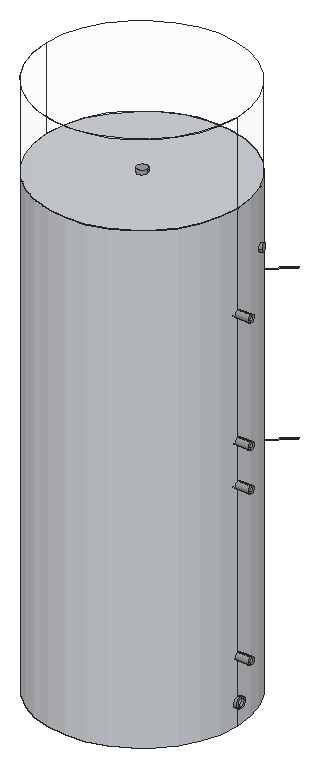
Revit family
Parameters (values of type "SDT119")
  Vertical Clearance = 12"  # constant formula
  SES BIM Studio # = "201264901-11"
  Clearance Height = A_TANK HEIGHT + 12"  # 80"
  Tank Radius = 14"
  Total Amps-Heater and Pumps = "0"
  Voltage/Heater = "0"
  Voltage/Control = "0"
  URL = "http://www.lochinvar.com/products/default.aspx?lineid=50&type=productline"
  Total Amps = "0"
  Sensor Well Radial Location = -1 * Tank Radius - 4"  # -18"
  Sensor Well Dist from Floor = E_Boiler Inlet Dist From Floor  # 54 1/4"
  Pressure Relief Valve Radial Location = -1 * Tank Radius - 1/2"  # -14 1/2"
  RECOVERY (GPH) = "0"
  D_Pressure Relief  Valve Dist From Floor = 60 1/4"
  Pipe Dist From Center = Tank Radius - 2"  # 12"
  H_To Panel - Dist From Floor = 9 1/4"  # constant formula
  Model = "SDT119"
  Manufacturer = "Lochinvar"
  MODEL NO. = "SDT119"
  Hot Water Outlet Height = A_TANK HEIGHT + 1/2"  # 68 1/2"
  Hot/Cold Water Connection = 1 1/2"  # constant formula
  GALLON CAPACITY = "109.8"
  B_TANK DIAMETER = Tank Radius * 2  # 28"
  INPUT RATE (BTUH) = "0"
  A_TANK HEIGHT = 68"
  G_From Panel - Dist From Floor = 31 3/4"
  FUEL TYPE = ""
  Description = "Squire Stainless Steel Solar Water Heater"
  Fuel Type = ""
  I_Cold Water Inlet Dist From Floor = 3 1/4"  # constant formula
  F_Boiler Outlet Dist From Floor = 37 1/2"
  Boiler In/Out Connection = 1"  # constant formula
  E_Boiler Inlet Dist From Floor = 54 1/4"
  # of Electrical Connections = "0"
Types (4): name | Clearance Height | Tank Radius | Sensor Well Radial Location | Sensor Well Dist from Floor | Pressure Relief Valve Radial Location | D_Pressure Relief  Valve Dist From Floor | Pipe Dist From Center | Model | MODEL NO. | Hot Water Outlet Height | GALLON CAPACITY | B_TANK DIAMETER | A_TANK HEIGHT | G_From Panel - Dist From Floor | F_Boiler Outlet Dist From Floor | E_Boiler Inlet Dist From Floor
  (no name) | 80" | 14" | -18" | 54 1/4" | -14 1/2" | 60 1/4" | 12" | "SDT119" | "SDT119" | 68 1/2" | "109.8" | 28" | 68" | 31 3/4" | 37 1/2" | 54 1/4"
  SDT065 | 72" | 12" | -16" | 47 1/4" | -12 1/2" | 52 1/4" | 10" | "SDT119" | "SDT065" | 60 1/2" | "65.5" | 24" | 60" | 28" | 33 3/4" | 47 1/4"
  SDT080 | 81 1/4" | 12" | -16" | 53 3/4" | -12 1/2" | 61 3/4" | 10" | "SDT080" | "SDT080" | 69 3/4" | "78.4" | 24" | 69 1/4" | 28" | 40 1/4" | 53 3/4"
  SDT119 | 80" | 14" | -18" | 54 1/4" | -14 1/2" | 60 1/4" | 12" | "SDT119" | "SDT119" | 68 1/2" | "109.8" | 28" | 68" | 31 3/4" | 37 1/2" | 54 1/4"
Reference planes (in)
  plane 1: z = 0
  plane 2: y = -1.83246
  plane 3: x = 77.16933
Forms (in)
  Extrusion 1, solid
    sketch origin (20.70262, 4.52692, 0) x (-1, 0, 0) y (0, -1, 0)
      loop
        circle (-56.46671, 6.35938) r 14
    from 0 to 68
  Revolve 2, solid, material "Default"
    sketch origin (0, -1.83246, 0) x (1, 0, 0) y (0, 0, 1)
      loop
        line (93.16933, 54.625) -> (93.16933, 54.75) -> (89.16933, 54.75) -> (89.16933, 54.625) -> (93.16933, 54.625)
      axis (89.16933, 54.25) -> (93.16933, 54.25)
    angle from 0 to 360
  Revolve 3, solid, material "Default"
    sketch origin (0, -1.83246, -3.25) x (1, 0, 0) y (0, 0, 1)
      loop
        line (93.16933, 41.125) -> (93.16933, 41.25) -> (89.16933, 41.25) -> (89.16933, 41.125) -> (93.16933, 41.125)
      axis (89.16933, 40.75) -> (93.16933, 40.75)
    angle from 0 to 360
  Revolve 4, solid, material "Default"
    sketch origin (0, -1.83246, -7.25) x (1, 0, 0) y (0, 0, 1)
      loop
        line (91.66933, 11.125) -> (91.66933, 11.25) -> (89.66933, 11.25) -> (89.17169, 11.375) -> (87.16933, 11.375) -> (87.16933, 11.125) -> (91.66933, 11.125)
      axis (87.16933, 10.5) -> (91.66933, 10.5)
    angle from 0 to 360
  Extrusion 5, solid, material "Default"
    sketch origin (0, 0, 0) x (1, 0, 0) y (0, 1, 0)
      loop
        circle (77.16933, -1.83246) r 0.75
    from 68 <- "A_TANK HEIGHT" to 68.5 <- "Hot Water Outlet Height"
  Extrusion 6, solid, material "Default"
    sketch origin (65.22027, 27.01512, -6.54141) x (0.382683, -0.92388, 0) y (0, 0, 1)
      loop
        circle (31.2244, 66.79141) r 0.5
    from -8 to -14.5 <- "Pressure Relief Valve Radial Location"
  Extrusion 7, solid, material "Default"
    sketch origin (55.09035, 20.24652, -18.25) x (0.707107, -0.707107, 0) y (0, 0, 1)
      loop
        circle (31.2244, 72.5) r 0.06075
    from -9 to -18 <- "Sensor Well Radial Location"
  Extrusion 8, solid, material "Clearance"
    sketch origin (0, 0, 0) x (1, 0, 0) y (0, 1, 0)
      loop
        circle (77.16933, -1.83246) r 14
    from 68 <- "A_TANK HEIGHT" to 80 <- "Clearance Height"
  Revolve 9, solid, material "Default"
    sketch origin (0, -1.83246, -10.25) x (1, 0, 0) y (0, 0, 1)
      loop
        line (93.16933, 19.875) -> (93.16933, 20) -> (89.16933, 20) -> (89.16933, 19.875) -> (93.16933, 19.875)
      axis (89.16933, 19.5) -> (93.16933, 19.5)
    angle from 0 to 360
  Revolve 10, solid, material "Default"
    sketch origin (0, -1.83246, -4.5) x (1, 0, 0) y (0, 0, 1)
      loop
        line (93.16933, 36.625) -> (93.16933, 36.75) -> (89.16933, 36.75) -> (89.16933, 36.625) -> (93.16933, 36.625)
      axis (89.16933, 36.25) -> (93.16933, 36.25)
    angle from 0 to 360
  Extrusion 11, solid, material "Default"
    sketch origin (55.09035, 20.24652, -26.25) x (0.707107, -0.707107, 0) y (0, 0, 1)
      loop
        circle (31.2244, 58) r 0.06075
    from -9 to -18 <- "Sensor Well Radial Location"
Dimensions and locks (in)
  "A_TANK HEIGHT": level to Extrusion 1
  Revolve 2 sketch curve to Revolve 2 sketch curve = 1/2"
  "E_Boiler Inlet Dist From Floor": Revolve 2 sketch curve to level
  Revolve 3 sketch curve to Revolve 3 sketch curve = 1/2"
  "Pipe Dist From Center": plane 3 to Revolve 2 sketch curve
  "Pipe Dist From Center": plane 3 to Revolve 3 sketch curve
  "F_Boiler Outlet Dist From Floor": Revolve 3 sketch curve to level
  "I_Cold Water Inlet Dist From Floor": Revolve 4 sketch curve to level
  "D_Pressure Relief  Valve Dist From Floor": Extrusion 6 sketch curve to level
  "Sensor Well Dist from Floor": Extrusion 7 sketch curve to level
  Revolve 9 sketch curve to Revolve 9 sketch curve = 1/2"
  "Pipe Dist From Center": plane 3 to Revolve 9 sketch curve
  "H_To Panel - Dist From Floor": Revolve 9 sketch curve to level
  Revolve 10 sketch curve to Revolve 10 sketch curve = 1/2"
  "Pipe Dist From Center": plane 3 to Revolve 10 sketch curve
  "G_From Panel - Dist From Floor": Revolve 10 sketch curve to level
  Revolve 4 sketch curve to Revolve 4 sketch curve = 3/4"
  "G_From Panel - Dist From Floor": Extrusion 11 sketch curve to level
  "Tank Radius": radius of Extrusion 1 sketch curve
  radius of Extrusion 5 sketch curve = 3/4"
  "Tank Radius": radius of Extrusion 8 sketch curve
  aligned and locked: plane 2 to Extrusion 1 sketch curve
  aligned and locked: plane 3 to Extrusion 1 sketch curve
Automatic sketch dimensions
  Revolve 2 sketch curve to Revolve 2 sketch curve = 0"
  Revolve 2 sketch curve to Revolve 2 sketch curve = 4"
  Revolve 2 sketch curve to Revolve 2 sketch curve = 0.10603"
  Revolve 2 sketch curve to Revolve 2 sketch curve = 1/8"
  Revolve 3 sketch curve to Revolve 3 sketch curve = 0"
  Revolve 3 sketch curve to Revolve 3 sketch curve = 4"
  Revolve 3 sketch curve to Revolve 3 sketch curve = 0.10603"
  Revolve 3 sketch curve to Revolve 3 sketch curve = 1/8"
  Extrusion 8 sketch curve to plane 2 = 0"
  Extrusion 8 sketch curve to plane 3 = 0"
  Revolve 9 sketch curve to Revolve 9 sketch curve = 0"
  Revolve 9 sketch curve to Revolve 9 sketch curve = 4"
  Revolve 9 sketch curve to Revolve 9 sketch curve = 0.10603"
  Revolve 9 sketch curve to Revolve 9 sketch curve = 1/8"
  Revolve 10 sketch curve to Revolve 10 sketch curve = 0"
  Revolve 10 sketch curve to Revolve 10 sketch curve = 4"
  Revolve 10 sketch curve to Revolve 10 sketch curve = 0.10603"
  Revolve 10 sketch curve to Revolve 10 sketch curve = 1/8"
  Extrusion 5 sketch curve to plane 2 = 0"
  Extrusion 5 sketch curve to plane 3 = 0"
  Revolve 4 sketch curve to plane 3 = 10"
  Revolve 4 sketch curve to Revolve 4 sketch curve = 0"
  Revolve 4 sketch curve to Revolve 4 sketch curve = 2.00236"
  Revolve 4 sketch curve to Revolve 4 sketch curve = 0.49764"
  Revolve 4 sketch curve to Revolve 4 sketch curve = 1.60603"
  Revolve 4 sketch curve to Revolve 4 sketch curve = 0.39397"
  Revolve 4 sketch curve to Revolve 4 sketch curve = 1/8"  (x2)
  radius of Extrusion 6 sketch curve = 1/2"
  radius of Extrusion 7 sketch curve = 0.06075"
  radius of Extrusion 11 sketch curve = 0.06075"
Connectors (in)
  piping at (77.16933, -1.83246, 68.5)
    settings: on Extrusion 5, index 1, connector radius 3/4", flow factor 0, pipe flow 0 GPM, pressure drop 0.00 psi, fitting loss kfactor 0, connector angle 0.00°, fixture units 0, flow configuration 0, flow direction 2, fitting loss method 0, system type 19, connector reference index -1, connector utility 0, adjustable connector no, is connector primary yes, fitting loss table "", connector description "Hot Water Outlet"
  piping at (93.16933, -1.83246, 54.25)
    settings: on Revolve 2, index 2, connector radius 1/2", flow factor 0, pipe flow 0 GPM, pressure drop 0.00 psi, fitting loss kfactor 0, connector angle 0.00°, fixture units 0, flow configuration 0, flow direction 1, fitting loss method 0, system type 19, connector reference index -1, connector utility 0, adjustable connector no, is connector primary no, fitting loss table "", connector description "From Boiler"
  piping at (93.16933, -1.83246, 37.5)
    settings: on Revolve 3, index 3, connector radius 1/2", flow factor 0, pipe flow 0 GPM, pressure drop 0.00 psi, fitting loss kfactor 0, connector angle 0.00°, fixture units 0, flow configuration 0, flow direction 2, fitting loss method 0, system type 19, connector reference index -1, connector utility 0, adjustable connector no, is connector primary no, fitting loss table "", connector description "To Boiler"
  piping at (93.16933, -1.83246, 31.75)
    settings: on Revolve 10, index 4, connector radius 1/2", flow factor 0, pipe flow 0 GPM, pressure drop 0.00 psi, fitting loss kfactor 0, connector angle 0.00°, fixture units 0, flow configuration 0, flow direction 1, fitting loss method 0, system type 19, connector reference index -1, connector utility 0, adjustable connector no, is connector primary no, fitting loss table "", connector description "From Panel"
  piping at (93.16933, -1.83246, 9.25)
    settings: on Revolve 9, index 5, connector radius 1/2", flow factor 0, pipe flow 0 GPM, pressure drop 0.00 psi, fitting loss kfactor 0, connector angle 0.00°, fixture units 0, flow configuration 0, flow direction 2, fitting loss method 0, system type 19, connector reference index -1, connector utility 0, adjustable connector no, is connector primary no, fitting loss table "", connector description "To Panel"
  piping at (91.66933, -1.83246, 3.25)
    settings: on Revolve 4, index 6, connector radius 3/4", flow factor 0, pipe flow 0 GPM, pressure drop 0.00 psi, fitting loss kfactor 0, connector angle 0.00°, fixture units 0, flow configuration 0, flow direction 1, fitting loss method 0, system type 20, connector reference index -1, connector utility 0, adjustable connector no, is connector primary no, fitting loss table "", connector description "Cold Water Inlet"
